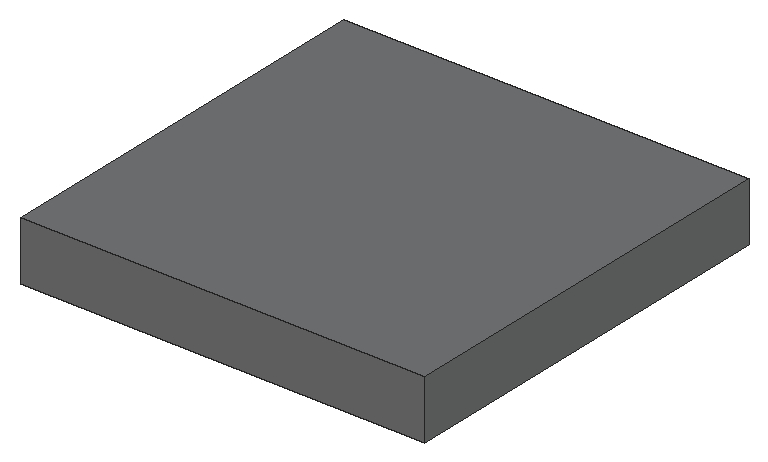
Revit family "Gira_028703", category Electrical Fixtures, host Face, Revit 2017
Family settings
  Host = Face
  Maintain Annotation Orientation = No
  Round Connector Dimension = Use Diameter
  Part Type = Normal
  Cut with Voids When Loaded = No
  Shared = No
  Room Calculation Point = No
Parameters (values of type "Wippe Symb. Tür System 55 Reinweiß")
  Werkstoffgüte = "Thermoplast"
  Werkstoff = "Kunststoff"
  Verwendung = "Schalter/Taster"
  URL = "http://katalog.gira.de/de_DE/datenblatt.html?artikelnr=028703"
  Region = "DE"
  RAL-Nummer (ähnlich) = "9010 "
  Oberfläche = "sonstige"
  Name = "Wippe Symb. Tür System 55 Reinweiß"
  Mit austauschbarer Linse/Symbol = "No"
  Mit Beschriftungsfeld = "No"
  Manufacturer URL = "https://www.gira.de/"
  Kontrollfenster/Lichtauslass = "Yes"
  Keynote = "Sys55_Abdeckung_Schalten und Tasten"
  HeinzeBIM = "https://bimportal.heinze.de/bim/wippe-symb-tuer-system-55-reinweiss/919240db3ca40e448b3f7e35c72eb1d4f223d07d"
  Halogenfrei = "Yes"
  HAN = "028703"
  Geeignet für Schutzart (IP) = "IP20"
  Geeignet für Bussystem-Tasterankopplung = "No"
  GTIN = "4010337287032"
  Farbe = "weiß"
  Default Elevation = 1219.2 mm
  Data sheet (1) = "https://katalog.gira.de/de_DE/download.html?artikelnr=028703"
  Category = "Abdeckung/Bedienelement für Installationsschalterprogramme"
  Befestigungsart = "Klemmbefestigung"
  Available = "Yes"
  Ausführung der Oberfläche = "glänzend"
  Ausführung = "einteilige Wippe"
  Aufdruck/Kennzeichnung = "Symbol \"Schlüssel/Tür\""
  Anthrazit [instance] = Anthrazit
  Abtastbares Symbol/barrierefrei = "No"
Reference planes
  plane 1 "Center (Front/Back)": y = 0
  plane 2: z = 0
  plane 3 "Center (Left/Right)": x = 0
Forms (mm)
  Extrusion 1, solid, material "Anthrazit" <- "Anthrazit", detail levels fine
    sketch origin (0, 0, 0) x (1, 0, 0) y (0, 1, 0)
      loop
        line (-27.5, 27.5) -> (-27.5, -27.5) -> (27.5, -27.5) -> (27.5, 27.5) -> (-27.5, 27.5)
    from 0 to 8
  Extrusion 2, void
    sketch origin (0, 0, 0) x (1, 0, 0) y (0, 1, 0)
      loop
        line (26, 26) -> (-26, 26) -> (-26, -26) -> (26, -26) -> (26, 26)
    from 0 to 6
  Extrusion 3, solid, material "Anthrazit" <- "Anthrazit", detail levels medium
    sketch origin (0, 0, 0) x (1, 0, 0) y (0, 1, 0)
      loop
        line (-27.5, 27.5) -> (-27.5, -27.5) -> (27.5, -27.5) -> (27.5, 27.5) -> (-27.5, 27.5)
    from 0 to 8
  Extrusion 4, solid, material "Anthrazit" <- "Anthrazit", detail levels medium
    sketch origin (0, 0, 0) x (1, 0, 0) y (0, 1, 0)
      loop
        line (11, -17.5) -> (11, 17.5) -> (-11, 17.5) -> (-11, -17.5) -> (11, -17.5)
    from -6 to 6
  Extrusion 5, solid, material "Anthrazit" <- "Anthrazit", detail levels fine
    sketch origin (0, 0, 0) x (1, 0, 0) y (0, 1, 0)
      loop
        line (11, 17.5) -> (-11, 17.5) -> (-11, 16.5) -> (11, 16.5) -> (11, 17.5)
      loop
        line (-11, -16.5) -> (-11, -17.5) -> (11, -17.5) -> (11, -16.5) -> (-11, -16.5)
    from -4 to 6
  Extrusion 6, solid, material "Anthrazit" <- "Anthrazit", detail levels fine
    sketch origin (0, 0, 0) x (1, 0, 0) y (0, 1, 0)
      loop
        arc (5, 9.347) -> (0, 10.6) -> (-5, 9.347) r 10.6
        line (-5, 9.347) -> (-5, -9.347)
        arc (-5, -9.347) -> (0, -10.6) -> (5, -9.347) r 10.6
        line (5, -9.347) -> (5, 9.347)
    from -6 to 6
  Extrusion 7, solid, material "Anthrazit" <- "Anthrazit", detail levels coarse
    sketch origin (0, 0, 0) x (1, 0, 0) y (0, 1, 0)
      loop
        line (-27.5, 27.5) -> (-27.5, -27.5) -> (27.5, -27.5) -> (27.5, 27.5) -> (-27.5, 27.5)
    from -6 to 8
Cuts and joins
  Extrusion 2 cuts Extrusion 1
Dimensions and locks
  aligned and locked: plane 2 to host face
  aligned and locked: level to host face
